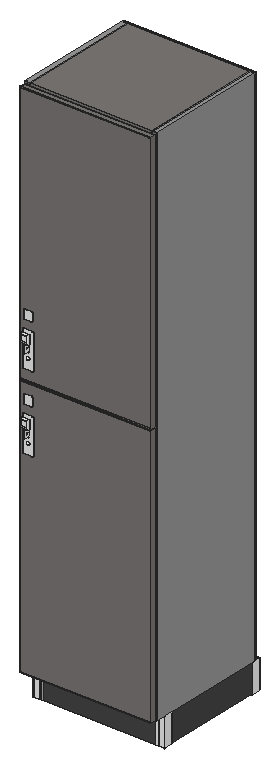
Revit family "Wood_Lockers_Hasps-Salsbury_Industries-18_42000_Series-1_Wide_Units", category Specialty Equipment, Revit 2026
Family settings
  Round Connector Dimension = Use Diameter
  Part Type = Normal
  Classification Number = 23.40.00.00
  Work Plane-Based = No
  Enable Cutting in Views = No
  Always vertical = Yes
  Cut with Voids When Loaded = No
  Maintain Annotation Orientation = No
  Shared = No
  Room Calculation Point = No
Parameters (values of type "18-42168")
  Width = 18.000"
  Version = "1.0 (01/31/24)"
  Unit Height including Sloping Hood Only [instance] = 78.868"
  Unit Height including Base Only [instance] = 76.000"
  URL = "www.lockers.com"
  Type Comments = "Premier Wood Lockers - Double Tier - with Hasps"
  Total Doors Height [instance] = if(Unit Height = 72.000", 71.750", if(Unit Height = 60.000", 59.750", 0.000"))  # 71.750"
  Sloping Top Corner Filler - Right Side [instance] = Wood Locker Sloping Corner Fillers : None
  Sloping Top Corner Filler - Left Side [instance] = Wood Locker Sloping Corner Fillers : None
  Sloping In-Line Filler - Right Side [instance] = Wood Locker Sloping In-Line Fillers : None
  Sloping In-Line Filler - Left Side [instance] = Wood Locker Sloping In-Line Fillers : None
  Sloping Hood Height = if(Depth = 15.000", 5.743", if(Depth = 18.000", 6.868", if(Depth = 21.000", 7.993", if(Depth = 24.000", 9.118", 0.000"))))  # 6.868"
  Sloping Hood [instance] = Wood Locker Sloping Hoods : None
  Side Panel without Slope - Right Side [instance] = Wood Locker Side Panels-No Slope : None
  Side Panel without Slope - Left Side [instance] = Wood Locker Side Panels-No Slope : None
  Side Panel with Slope - Right Side [instance] = Wood Locker Side Panels-With Slope : None
  Side Panel with Slope - Left Side [instance] = Wood Locker Side Panels-With Slope : None
  Secondary Structure Materials = Particle Board Industrial Grade - Salsbury Finish - Black Melamine Overlay
  Primary Structure Materials = Particle Board Industrial Grade - Salsbury Finish - Plain
  Overall Unit Height including Base and Sloping Hood [instance] = 82.868"
  OmniClass 23 Title = "Equipment and Furnishings"
  OmniClass 23 Number = "23.40.00.00"
  Model = "18-42168"
  MasterFormat Title = "Lockers"
  MasterFormat Code = "10 51 23"
  Manufacturer = "Salsbury Industries"
  Laminate Surface [instance] = Industrial Grade Particleboard with Wood Laminate - Salsbury Finish - Skyline Walnut
  Interior Material = Textured Melamine - Salsbury Finish - White
  Individual Door Width [instance] = 17.875"
  Unit Height = 72.000"
  Individual Door Height = if(Unit Height = 72.000", 35.781", if(Unit Height = 60.000", 29.781", 0.000"))  # 35.781"
  Hardware = Aluminum - Salsbury Finish - Black Satin
  Front Vertical Filler - Right Side [instance] = Wood Locker Front Fillers : None
  Front Vertical Filler - Left Side [instance] = Wood Locker Front Fillers : None
  Front Corner Filler - Right Side [instance] = Wood Locker Front Corner Filler : None
  Front Corner Filler - Left Side [instance] = Wood Locker Front Corner Filler : None
  Flat Top In-Line Filler - Right Side [instance] = Wood Locker Flat In-Line Fillers : None
  Flat Top In-Line Filler - Left Side [instance] = Wood Locker Flat In-Line Fillers : None
  Flat Top Corner Filler - Right Side [instance] = Wood Locker Flat Corner Fillers : None
  Flat Top Corner Filler - Left Side [instance] = Wood Locker Flat Corner Fillers : None
  Fascia Filler [instance] = Wood Locker Fascia Fillers : None
  Double Side Panel without Slope - Right Side [instance] = Wood Locker Double Side Panels-No Slope : None
  Double Side Panel without Slope - Left Side [instance] = Wood Locker Double Side Panels-No Slope : None
  Double Side Panel with Slope - Right Side [instance] = Wood Locker Double Side Panels-With Slope : None
  Double Side Panel with Slope - Left Side [instance] = Wood Locker Double Side Panels-With Slope : None
  Door Location D2 = Premier Locker Doors_Hasp : Double Tier Door-2 for Six Foot High Locker
  Door Location D1 = Premier Locker Doors_Hasp : Double Tier Door-1 for Six Foot High Locker
  Description = "1 Wide - 6 Feet High - 18 inches Deep - with Base"
  Depth = 18.000"
  Default Elevation = 0.000"
  Compartment Width [instance] = 16.750"
  Compartment Height [instance] = if(Unit Height = 72.000", 34.875", if(Unit Height = 60.000", 28.875", 0.000"))  # 34.875"
  Compartment Depth [instance] = 16.750"
  Base Material = Particle Board Industrial Grade - Salsbury Finish - Black Melamine Overlay
  Base Height = 4.000"
  Base Depth [instance] = 16.250"
  Base = Wood Locker Bases : Base - 18" W x 18" D Lockers
  Assembly Code = "C1030310"
Reference planes (in)
  plane 1 "Center (Front/Back)": y = 0
  plane 2: z = 0
  plane 3 "Center (Left/Right)": x = 0
  plane 4 "Right Side of Unit": x = 9
  plane 5 "Left Side of Unit": x = -9
  plane 6 "Back of Unit": y = 9
  plane 7 "Front of Unit": y = -9
  plane 8 "Bottom of Base": z = 0
  plane 9 "Top Edge of Unit": z = 76
  plane 10 "Top of Base Edge": z = 4
  plane 11: z = 82.868
  plane 12 "Right Compartment Edge": x = 8.406
  plane 13 "Left Compartment Edge": x = -8.406
  plane 14 "Front Melamine Edge": y = -8
  plane 15 "Back Compartment Edge": y = 8.781
  plane 16 "Front Compartment Edge": y = -7.969
  plane 17 "Front Edge of Base": y = -6.625
  plane 18 "Bottom Edge of Door": z = 4.125
  plane 19 "Top Edge of Door": z = 75.875
  plane 20 "Bottom Compartment Edge": z = 4.75
  plane 21 "Top Compartment Edge": z = 75.25
  plane 22 "Center Top and Bottom": z = 40
  plane 23 "Left Melamine Edge": x = -8.375
  plane 24 "Right Melamine Edge": x = 8.375
  plane 25 "Back Melamine Edge": y = 8.75
  plane 26 "Left Edge of Door": x = -8.875
  plane 27: y = 9.625
  plane 28: y = -7.25
  plane 29 "Base / Ventillation Alignment": y = 9.625
  plane 30 "Compartment Shelf": z = 40.375
  plane 31: z = 39.625
  plane 32: z = 39.906
  plane 33: z = 40.094
  plane 34 "5" Shelf top": z = 70.75
  plane 35: z = 70
  plane 36 "Front of Shelf": y = 3.75
  plane 37 "5" Shelf Bottom": z = 35.125
  plane 38: z = 34.375
  plane 39: y = 3.781
Forms (in)
  Extrusion 1, solid, material "Particle Board Industrial Grade - Salsbury Finish - Plain" <- "Primary Structure Materials"
    sketch origin (9, 0, 0) x (0, -1, 0) y (0, 0, 1)
      loop
        line (7.969, 76) -> (-8.75, 76) -> (-8.75, 4) -> (7.969, 4) -> (7.969, 76)
    from 0 to 0.594
  Extrusion 2, solid, material "Particle Board Industrial Grade - Salsbury Finish - Plain" <- "Primary Structure Materials"
    sketch origin (-9, 0, 0) x (0, -1, 0) y (0, 0, 1)
      loop
        line (-8.75, 76) -> (-8.75, 4) -> (7.969, 4) -> (7.969, 76) -> (-8.75, 76)
    from 0 to -0.594
  Extrusion 3, solid, material "Textured Melamine - Salsbury Finish - White" <- "Interior Material"
    sketch origin (0, 0, 4) x (0, -1, 0) y (1, 0, 0)
      loop
        line (-8.75, -8.375) -> (7.969, -8.375) -> (7.969, 8.375) -> (-8.75, 8.375) -> (-8.75, -8.375)
    from 0 to 0.75
  Extrusion 4, solid, material "Industrial Grade Particleboard with Wood Laminate - Salsbury Finish - Skyline Walnut" <- "Laminate Surface"
    sketch origin (-0.375, 0.375, 76) x (-1, 0, 0) y (0, -1, 0)
      loop
        line (-8.75, -8.375) -> (8, -8.375) -> (8, 8.375) -> (-8.75, 8.375) -> (-8.75, -8.375)
    from 0 to -0.75
  Extrusion 5, solid, material "Particle Board Industrial Grade - Salsbury Finish - Plain" <- "Primary Structure Materials"
    sketch origin (0, 9, 0) x (1, 0, 0) y (0, 0, 1)
      loop
        line (-9, 76) -> (-9, 4) -> (9, 4) -> (9, 76) -> (-9, 76)
    from 0 to 0.219
  Extrusion 6, solid, material "Industrial Grade Particleboard with Wood Laminate - Salsbury Finish - Skyline Walnut" <- "Laminate Surface"
    sketch origin (0, -7.969, 0) x (1, 0, 0) y (0, 0, 1)
      loop
        line (-9, 76) -> (-9, 4) -> (-8.375, 4) -> (-8.375, 76) -> (-9, 76)
    from 0 to 0.031
  Extrusion 7, solid, material "Industrial Grade Particleboard with Wood Laminate - Salsbury Finish - Skyline Walnut" <- "Laminate Surface"
    sketch origin (0, -7.969, 0) x (-1, 0, 0) y (0, 0, -1)
      loop
        line (-9, -76) -> (-8.375, -76) -> (-8.375, -4) -> (-9, -4) -> (-9, -76)
    from 0 to 0.031
  Extrusion 8, solid, material "Textured Melamine - Salsbury Finish - White" <- "Interior Material"
    sketch origin (0, 8.75, 0) x (1, 0, 0) y (0, 0, 1)
      loop
        line (-9, 76) -> (-9, 4) -> (9, 4) -> (9, 76) -> (-9, 76)
    from -0.031 to 0
  Extrusion 9, solid, material "Textured Melamine - Salsbury Finish - White" <- "Interior Material"
    sketch origin (-8.406, 0, 0) x (0, -1, 0) y (0, 0, 1)
      loop
        line (-8.75, 76) -> (-8.75, 4) -> (7.969, 4) -> (7.969, 76) -> (-8.75, 76)
    from 0 to -0.031
  Extrusion 10, solid, material "Textured Melamine - Salsbury Finish - White" <- "Interior Material"
    sketch origin (8.406, 0, 0) x (0, -1, 0) y (0, 0, 1)
      loop
        line (7.969, 76) -> (-8.75, 76) -> (-8.75, 4) -> (7.969, 4) -> (7.969, 76)
    from 0 to 0.031
  Extrusion 11, solid, material "Textured Melamine - Salsbury Finish - White" <- "Interior Material", detail levels fine
    sketch origin (0, 0, 40.375) x (0, -1, 0) y (1, 0, 0)
      loop
        line (-8.75, -8.375) -> (7.969, -8.375) -> (7.969, 8.375) -> (-8.75, 8.375) -> (-8.75, -8.375)
    from 0 to -0.75
  Extrusion 12, solid, material "Textured Melamine - Salsbury Finish - White" <- "Interior Material"
    sketch origin (0, 0, 70.75) x (0, -1, 0) y (1, 0, 0)
      loop
        line (-8.75, -8.375) -> (-3.781, -8.375) -> (-3.781, 8.375) -> (-8.75, 8.375) -> (-8.75, -8.375)
    from 0 to -0.75
  Extrusion 13, solid, material "Textured Melamine - Salsbury Finish - White" <- "Interior Material"
    sketch origin (0, 0, 35.125) x (0, -1, 0) y (1, 0, 0)
      loop
        line (-8.75, -8.375) -> (-3.781, -8.375) -> (-3.781, 8.375) -> (-8.75, 8.375) -> (-8.75, -8.375)
    from 0 to -0.75
  Extrusion 14, solid, material "Industrial Grade Particleboard with Wood Laminate - Salsbury Finish - Skyline Walnut" <- "Laminate Surface"
    sketch origin (0, -8, 0) x (1, 0, 0) y (0, 0, 1)
      loop
        line (-8.375, 40.375) -> (-8.375, 39.625) -> (8.375, 39.625) -> (8.375, 40.375) -> (-8.375, 40.375)
    from 0 to -0.031
  Extrusion 15, solid, material "Industrial Grade Particleboard with Wood Laminate - Salsbury Finish - Skyline Walnut" <- "Laminate Surface"
    sketch origin (0, -8, 0) x (1, 0, 0) y (0, 0, 1)
      loop
        line (-8.375, 4.75) -> (-8.375, 4) -> (8.375, 4) -> (8.375, 4.75) -> (-8.375, 4.75)
    from 0 to -0.031
  Extrusion 16, solid, material "Industrial Grade Particleboard with Wood Laminate - Salsbury Finish - Skyline Walnut" <- "Laminate Surface"
    sketch origin (0, 3.75, 0) x (1, 0, 0) y (0, 0, 1)
      loop
        line (-8.375, 70.75) -> (-8.375, 70) -> (8.375, 70) -> (8.375, 70.75) -> (-8.375, 70.75)
    from 0 to -0.031
  Extrusion 17, solid, material "Industrial Grade Particleboard with Wood Laminate - Salsbury Finish - Skyline Walnut" <- "Laminate Surface"
    sketch origin (0, 3.75, -35.625) x (1, 0, 0) y (0, 0, 1)
      loop
        line (-8.375, 70.75) -> (-8.375, 70) -> (8.375, 70) -> (8.375, 70.75) -> (-8.375, 70.75)
    from 0 to -0.031
Lines and regions (in)
  symbolic lines
    curve 1: line (-9, 8.75, 76) -> (9.00006, 8.75, 76)
    curve 2: line (-9, 8.75, 0) -> (-9, 8.75, 76)
    curve 3: line (9.00006, 8.75, 76) -> (9.00006, 8.75, 0)
    curve 4: line (8.406, -8, 76) -> (8.406, 9.625, 76)
    curve 5: line (8.406, -8, 0) -> (8.406, -8, 76)
    curve 6: line (8.406, 9.625, 76) -> (8.406, 9.625, 0)
    curve 7: line (9.00006, 8.75, 0) -> (-9, 8.75, 0)
    curve 8: line (8.406, -6.625, 0) -> (8.406, 9.625, 0)
    curve 9: line (8.406, 9.625, 0) -> (8.406, -6.625, 0)
    curve 10: line (8.406, -8, 0) -> (8.406, 9.625, 0)
    curve 11: line (-9, 9.625, 0) -> (9, 9.625, 0)
    curve 12: line (-9, -8, 0) -> (-9, 9.625, 0)
    curve 13: line (9, -8, 0) -> (-9, -8, 0)
    curve 14: line (9, 9.625, 0) -> (9, -8, 0)
Dimensions and locks (in)
  equal spacing: plane 5 "Left Side of Unit", plane 3 "Center (Left/Right)", plane 4 "Right Side of Unit"
  "Width": plane 5 "Left Side of Unit" to plane 4 "Right Side of Unit"
  equal spacing: plane 7 "Front of Unit", plane 1 "Center (Front/Back)", plane 6 "Back of Unit"
  "Depth": plane 7 "Front of Unit" to plane 6 "Back of Unit"
  "Base Height": plane 10 "Top of Base Edge" to plane 8 "Bottom of Base"
  "Unit Height": plane 9 "Top Edge of Unit" to plane 10 "Top of Base Edge"
  "Sloping Hood Height": plane 11 to plane 9 "Top Edge of Unit"
  locked: plane 12 "Right Compartment Edge" to plane 4 "Right Side of Unit" at 0.594
  locked: plane 5 "Left Side of Unit" to plane 13 "Left Compartment Edge" at 0.594
  locked: plane 7 "Front of Unit" to plane 14 "Front Melamine Edge" at 1
  locked: plane 15 "Back Compartment Edge" to plane 6 "Back of Unit" at 0.219
  locked: plane 14 "Front Melamine Edge" to plane 16 "Front Compartment Edge" at 0.031
  plane 18 "Bottom Edge of Door" to plane 10 "Top of Base Edge" = 0.125"
  plane 9 "Top Edge of Unit" to plane 19 "Top Edge of Door" = 0.125"
  plane 20 "Bottom Compartment Edge" to plane 10 "Top of Base Edge" = 0.750"
  plane 9 "Top Edge of Unit" to plane 21 "Top Compartment Edge" = 0.750"
  equal spacing: plane 9 "Top Edge of Unit", plane 22 "Center Top and Bottom", plane 10 "Top of Base Edge"
  locked: plane 24 "Right Melamine Edge" to plane 12 "Right Compartment Edge" at 0.031
  locked: plane 13 "Left Compartment Edge" to plane 23 "Left Melamine Edge" at 0.031
  locked: plane 25 "Back Melamine Edge" to plane 15 "Back Compartment Edge" at 0.031
  locked: plane 5 "Left Side of Unit" to plane 26 "Left Edge of Door" at 0.125
  "Individual Door Width": plane 26 "Left Edge of Door" to plane 4 "Right Side of Unit"
  "Total Doors Height": plane 19 "Top Edge of Door" to plane 18 "Bottom Edge of Door"
  "Unit Height including Base Only": plane 9 "Top Edge of Unit" to plane 8 "Bottom of Base"
  "Unit Height including Sloping Hood Only": plane 11 to plane 10 "Top of Base Edge"
  "Overall Unit Height including Base and Sloping Hood": plane 11 to plane 8 "Bottom of Base"
  locked: plane 7 "Front of Unit" to plane 17 "Front Edge of Base" at 2.375
  locked: plane 6 "Back of Unit" to plane 27 at 0.625
  "Base Depth": plane 17 "Front Edge of Base" to plane 27
  "Compartment Width": plane 23 "Left Melamine Edge" to plane 24 "Right Melamine Edge"
  "Compartment Height": plane 31 to plane 20 "Bottom Compartment Edge"
  "Compartment Depth": plane 14 "Front Melamine Edge" to plane 25 "Back Melamine Edge"
  locked: plane 14 "Front Melamine Edge" to plane 28 at 0.75
  plane 14 "Front Melamine Edge" to plane 27 = 17.625"
  Extrusion 2 to Extrusion 9 = 16.719"
  plane 6 "Back of Unit" to plane 29 "Base / Ventillation Alignment" = 0.625"
  locked: plane 30 "Compartment Shelf" to plane 31 at 0.75
  locked: plane 33 to plane 32 at 0.188
  "Individual Door Height": plane 32 to plane 18 "Bottom Edge of Door"
  plane 21 "Top Compartment Edge" to plane 34 "5" Shelf top" to plane 35 = 4.500" locked, 0.750" locked
  locked: plane 36 "Front of Shelf" to plane 25 "Back Melamine Edge" at 5
  plane 31 to plane 37 "5" Shelf Bottom" to plane 38 = 4.500" locked, 0.750" locked
  locked: plane 36 "Front of Shelf" to plane 39 at 0.031
  aligned and locked: level to plane 2
  aligned and locked: plane 15 "Back Compartment Edge" to Extrusion 5
  aligned and locked: plane 4 "Right Side of Unit" to nested 1
  aligned and locked: plane 18 "Bottom Edge of Door" to nested 1
  aligned and locked: plane 7 "Front of Unit" to nested 1
  aligned and locked: plane 9 "Top Edge of Unit" to nested 2
  aligned and locked: plane 14 "Front Melamine Edge" to nested 2
  aligned and locked: plane 5 "Left Side of Unit" to nested 3
  aligned and locked: plane 14 "Front Melamine Edge" to nested 3
  aligned and locked: plane 9 "Top Edge of Unit" to nested 3
  aligned and locked: plane 4 "Right Side of Unit" to nested 4
  aligned and locked: nested 4 to plane 9 "Top Edge of Unit"
  aligned and locked: nested 4 to plane 14 "Front Melamine Edge"
  aligned and locked: plane 9 "Top Edge of Unit" to nested 5
  aligned and locked: plane 28 to nested 5
  aligned and locked: plane 28 to nested 6
  aligned and locked: plane 5 "Left Side of Unit" to nested 6
  aligned and locked: plane 4 "Right Side of Unit" to nested 5
  aligned and locked: nested 6 to plane 9 "Top Edge of Unit"
  aligned and locked: nested 8 to plane 5 "Left Side of Unit"
  aligned and locked: nested 7 to plane 4 "Right Side of Unit"
  aligned and locked: plane 14 "Front Melamine Edge" to nested 7
  aligned and locked: nested 8 to plane 14 "Front Melamine Edge"
  aligned and locked: plane 10 "Top of Base Edge" to nested 7
  aligned and locked: nested 8 to plane 10 "Top of Base Edge"
  aligned and locked: plane 5 "Left Side of Unit" to nested 9
  aligned and locked: plane 4 "Right Side of Unit" to nested 10
  aligned and locked: nested 10 to plane 10 "Top of Base Edge"
  aligned and locked: plane 10 "Top of Base Edge" to nested 9
  aligned and locked: plane 16 "Front Compartment Edge" to nested 10
  aligned and locked: nested 9 to plane 14 "Front Melamine Edge"
  aligned and locked: plane 4 "Right Side of Unit" to nested 11
  aligned and locked: nested 11 to plane 10 "Top of Base Edge"
  aligned and locked: plane 14 "Front Melamine Edge" to nested 11
  aligned and locked: plane 14 "Front Melamine Edge" to nested 12
  aligned and locked: nested 12 to nested 4
  aligned and locked: plane 10 "Top of Base Edge" to nested 12
  aligned and locked: nested 13 to plane 5 "Left Side of Unit"
  aligned and locked: nested 13 to plane 14 "Front Melamine Edge"
  aligned and locked: nested 13 to plane 10 "Top of Base Edge"
  aligned and locked: plane 14 "Front Melamine Edge" to nested 14
  aligned and locked: nested 14 to plane 4 "Right Side of Unit"
  aligned and locked: nested 15 to plane 14 "Front Melamine Edge"
  aligned and locked: nested 15 to plane 5 "Left Side of Unit"
  aligned and locked: plane 10 "Top of Base Edge" to nested 14
  aligned and locked: nested 15 to plane 10 "Top of Base Edge"
  aligned and locked: plane 14 "Front Melamine Edge" to nested 16
  aligned and locked: plane 4 "Right Side of Unit" to nested 16
  aligned and locked: nested 17 to plane 14 "Front Melamine Edge"
  aligned and locked: plane 5 "Left Side of Unit" to nested 17
  aligned and locked: nested 16 to plane 8 "Bottom of Base"
  aligned and locked: nested 17 to plane 8 "Bottom of Base"
  aligned and locked: nested 18 to plane 5 "Left Side of Unit"
  aligned and locked: nested 19 to plane 4 "Right Side of Unit"
  aligned and locked: nested 19 to plane 14 "Front Melamine Edge"
  aligned and locked: plane 14 "Front Melamine Edge" to nested 18
  aligned and locked: plane 8 "Bottom of Base" to nested 19
  aligned and locked: nested 18 to plane 8 "Bottom of Base"
  aligned and locked: plane 17 "Front Edge of Base" to nested 20
  aligned and locked: nested 21 to plane 9 "Top Edge of Unit"
  aligned and locked: plane 5 "Left Side of Unit" to nested 21
  aligned and locked: nested 22 to plane 9 "Top Edge of Unit"
  aligned and locked: plane 4 "Right Side of Unit" to nested 22
  aligned and locked: nested 22 to plane 14 "Front Melamine Edge"
  aligned and locked: nested 21 to plane 14 "Front Melamine Edge"
  aligned and locked: nested 24 to plane 9 "Top Edge of Unit"
  aligned and locked: plane 4 "Right Side of Unit" to nested 24
  aligned and locked: nested 23 to plane 9 "Top Edge of Unit"
  aligned and locked: plane 5 "Left Side of Unit" to nested 23
  aligned and locked: nested 24 to plane 28
  aligned and locked: nested 23 to plane 28
  aligned and locked: plane 14 "Front Melamine Edge" to nested 25
  aligned and locked: plane 9 "Top Edge of Unit" to nested 25
  aligned and locked: plane 8 "Bottom of Base" to nested 20
  aligned and locked: plane 3 "Center (Left/Right)" to nested 20
  aligned and locked: plane 25 "Back Melamine Edge" to Extrusion 3 sketch curve
  aligned and locked: Extrusion 3 sketch curve to plane 23 "Left Melamine Edge"
  aligned and locked: plane 24 "Right Melamine Edge" to Extrusion 3 sketch curve
  aligned and locked: Extrusion 4 to plane 9 "Top Edge of Unit"
  aligned and locked: plane 21 "Top Compartment Edge" to Extrusion 4
  aligned and locked: Extrusion 2 sketch curve to plane 9 "Top Edge of Unit"
  aligned and locked: plane 16 "Front Compartment Edge" to Extrusion 2 sketch curve
  aligned and locked: Extrusion 2 sketch curve to plane 25 "Back Melamine Edge"
  aligned and locked: plane 10 "Top of Base Edge" to Extrusion 2 sketch curve
  aligned and locked: Extrusion 2 to plane 13 "Left Compartment Edge"
  aligned and locked: plane 5 "Left Side of Unit" to Extrusion 2
  aligned and locked: plane 10 "Top of Base Edge" to Extrusion 9 sketch curve
  aligned and locked: Extrusion 9 sketch curve to plane 25 "Back Melamine Edge"
  aligned and locked: Extrusion 9 sketch curve to plane 9 "Top Edge of Unit"
  aligned and locked: Extrusion 1 sketch curve to plane 16 "Front Compartment Edge"
  aligned and locked: plane 9 "Top Edge of Unit" to Extrusion 1 sketch curve
  aligned and locked: Extrusion 1 sketch curve to plane 10 "Top of Base Edge"
  aligned and locked: plane 25 "Back Melamine Edge" to Extrusion 1 sketch curve
  aligned and locked: Extrusion 1 to plane 4 "Right Side of Unit"
  aligned and locked: plane 12 "Right Compartment Edge" to Extrusion 1
  aligned and locked: Extrusion 10 sketch curve to plane 10 "Top of Base Edge"
  aligned and locked: plane 25 "Back Melamine Edge" to Extrusion 10 sketch curve
  aligned and locked: Extrusion 10 sketch curve to plane 16 "Front Compartment Edge"
  aligned and locked: plane 9 "Top Edge of Unit" to Extrusion 10 sketch curve
  aligned and locked: Extrusion 10 to plane 12 "Right Compartment Edge"
  aligned and locked: plane 24 "Right Melamine Edge" to Extrusion 10
  aligned and locked: Extrusion 8 sketch curve to plane 10 "Top of Base Edge"
  aligned and locked: plane 4 "Right Side of Unit" to Extrusion 8 sketch curve
  aligned and locked: plane 9 "Top Edge of Unit" to Extrusion 8 sketch curve
  aligned and locked: Extrusion 8 sketch curve to plane 5 "Left Side of Unit"
  aligned and locked: Extrusion 8 to plane 15 "Back Compartment Edge"
  aligned and locked: plane 25 "Back Melamine Edge" to Extrusion 8
  aligned and locked: plane 9 "Top Edge of Unit" to Extrusion 5 sketch curve
  aligned and locked: Extrusion 5 sketch curve to plane 5 "Left Side of Unit"
  aligned and locked: Extrusion 5 sketch curve to plane 10 "Top of Base Edge"
  aligned and locked: plane 4 "Right Side of Unit" to Extrusion 5 sketch curve
  aligned and locked: Extrusion 7 sketch curve to plane 9 "Top Edge of Unit"
  aligned and locked: Extrusion 7 sketch curve to plane 4 "Right Side of Unit"
  aligned and locked: plane 24 "Right Melamine Edge" to Extrusion 7 sketch curve
  aligned and locked: plane 10 "Top of Base Edge" to Extrusion 7 sketch curve
  aligned and locked: Extrusion 7 to plane 16 "Front Compartment Edge"
  aligned and locked: plane 14 "Front Melamine Edge" to Extrusion 7
  aligned and locked: Extrusion 6 sketch curve to plane 10 "Top of Base Edge"
  aligned and locked: plane 23 "Left Melamine Edge" to Extrusion 6 sketch curve
  aligned and locked: Extrusion 6 sketch curve to plane 5 "Left Side of Unit"
  aligned and locked: plane 9 "Top Edge of Unit" to Extrusion 6 sketch curve
  aligned and locked: Extrusion 6 to plane 16 "Front Compartment Edge"
  aligned and locked: plane 14 "Front Melamine Edge" to Extrusion 6
  aligned and locked: plane 16 "Front Compartment Edge" to Extrusion 9
  aligned and locked: plane 13 "Left Compartment Edge" to Extrusion 9
  aligned and locked: nested 3 to curve 1
  aligned and locked: curve 2 to nested 17
  aligned and locked: curve 4 to nested 2
  aligned and locked: nested 16 to curve 5
  aligned and locked: curve 9 to nested 20
  aligned and locked: curve 10 to nested 16
  aligned and locked: curve 12 to plane 5 "Left Side of Unit"
  aligned and locked: plane 29 "Base / Ventillation Alignment" to curve 11
  aligned and locked: plane 3 "Center (Left/Right)" to nested 2
  aligned and locked: plane 3 "Center (Left/Right)" to nested 25
  aligned and locked: plane 29 "Base / Ventillation Alignment" to curve 6
  aligned and locked: plane 25 "Back Melamine Edge" to Extrusion 11 sketch curve
  aligned and locked: Extrusion 11 sketch curve to plane 23 "Left Melamine Edge"
  aligned and locked: plane 24 "Right Melamine Edge" to Extrusion 11 sketch curve
  aligned and locked: nested 26 to plane 33
  aligned and locked: plane 4 "Right Side of Unit" to nested 26
  aligned and locked: plane 7 "Front of Unit" to nested 26
  aligned and locked: plane 35 to Extrusion 12
  aligned and locked: plane 23 "Left Melamine Edge" to Extrusion 12
  aligned and locked: Extrusion 12 to plane 24 "Right Melamine Edge"
  aligned and locked: Extrusion 12 to plane 25 "Back Melamine Edge"
  aligned and locked: Extrusion 13 to plane 37 "5" Shelf Bottom"
  aligned and locked: plane 38 to Extrusion 13
  aligned and locked: plane 23 "Left Melamine Edge" to Extrusion 13
  aligned and locked: Extrusion 13 to plane 24 "Right Melamine Edge"
  aligned and locked: Extrusion 13 to plane 25 "Back Melamine Edge"
  aligned and locked: Extrusion 12 to plane 34 "5" Shelf top"
  aligned and locked: plane 14 "Front Melamine Edge" to Extrusion 4
  aligned and locked: plane 16 "Front Compartment Edge" to Extrusion 11
  aligned and locked: plane 31 to Extrusion 11
  aligned and locked: Extrusion 11 to plane 30 "Compartment Shelf"
  aligned and locked: Extrusion 14 to Extrusion 11  (x2)
  aligned and locked: Extrusion 14 to Extrusion 6
  aligned and locked: Extrusion 14 to Extrusion 7
  aligned and locked: Extrusion 14 to plane 16 "Front Compartment Edge"
  aligned and locked: plane 14 "Front Melamine Edge" to Extrusion 14
  aligned and locked: plane 16 "Front Compartment Edge" to Extrusion 3
  aligned and locked: Extrusion 15 sketch curve to Extrusion 3  (x3)
  aligned and locked: Extrusion 7 to Extrusion 15 sketch curve
  aligned and locked: Extrusion 15 to plane 16 "Front Compartment Edge"
  aligned and locked: plane 14 "Front Melamine Edge" to Extrusion 15
  aligned and locked: Extrusion 12 to plane 39
  aligned and locked: Extrusion 16 sketch curve to Extrusion 12  (x4)
  aligned and locked: Extrusion 17 to Extrusion 13  (x2)
  aligned and locked: Extrusion 17 to Extrusion 6
  aligned and locked: Extrusion 17 to Extrusion 7
  aligned and locked: Extrusion 17 to Extrusion 12
  aligned and locked: Extrusion 17 to plane 36 "Front of Shelf"
  aligned and locked: Extrusion 13 to Extrusion 12
Automatic sketch dimensions
  plane 16 "Front Compartment Edge" to Extrusion 3 sketch curve = 0.000"
  plane 14 "Front Melamine Edge" to Extrusion 4 sketch curve = 0.000"
  Extrusion 4 sketch curve to plane 24 "Right Melamine Edge" = 0.000"
  Extrusion 4 sketch curve to plane 23 "Left Melamine Edge" = 0.000"
  plane 25 "Back Melamine Edge" to Extrusion 4 sketch curve = 0.000"
  Extrusion 9 sketch curve to plane 16 "Front Compartment Edge" = 0.000"
  curve 3 to level = 0.000"
  curve 3 to plane 4 "Right Side of Unit" = 0.00006"
  curve 8 to plane 17 "Front Edge of Base" = 0.000"
  curve 9 to plane 17 "Front Edge of Base" = 0.000"
  plane 14 "Front Melamine Edge" to curve 13 = 0.000"
  curve 13 to plane 4 "Right Side of Unit" = 0.000"
  plane 16 "Front Compartment Edge" to Extrusion 11 sketch curve = 0.000"
  Extrusion 12 sketch curve to plane 24 "Right Melamine Edge" = 0.000"
  plane 25 "Back Melamine Edge" to Extrusion 12 sketch curve = 0.000"
  Extrusion 12 sketch curve to plane 23 "Left Melamine Edge" = 0.000"
  plane 39 to Extrusion 12 sketch curve = 0.000"
  Extrusion 13 sketch curve to plane 24 "Right Melamine Edge" = 0.000"
  plane 25 "Back Melamine Edge" to Extrusion 13 sketch curve = 0.000"
  Extrusion 13 sketch curve to plane 23 "Left Melamine Edge" = 0.000"
  Extrusion 13 sketch curve to plane 36 "Front of Shelf" = 0.031"
  plane 23 "Left Melamine Edge" to Extrusion 14 sketch curve = 0.000"
  plane 24 "Right Melamine Edge" to Extrusion 14 sketch curve = 0.000"
  Extrusion 14 sketch curve to plane 31 = 0.000"
  Extrusion 14 sketch curve to plane 30 "Compartment Shelf" = 0.000"
  plane 23 "Left Melamine Edge" to Extrusion 17 sketch curve = 0.000"
  plane 24 "Right Melamine Edge" to Extrusion 17 sketch curve = 0.000"
  Extrusion 17 sketch curve to plane 38 = 0.000"
  Extrusion 17 sketch curve to plane 37 "5" Shelf Bottom" = 0.000"
Nested families (in)
  nested 1: "Premier Locker Doors_Hasp" at (0.0625, -8.625, 4.125), type <- "Door Location D2", type "Double Tier Door-2 for Six Foot High Locker"
  nested 2: "Wood Locker Sloping Hoods" at (0, -0.6875, 76), type <- "Sloping Hood", type "None"
  nested 3: "Wood Locker Sloping Corner Fillers" at (-18.25, -1, 76), type <- "Sloping Top Corner Filler - Left Side", type "None"
  nested 4: "Wood Locker Sloping Corner Fillers" at (18.25, -1, 76) x (-1, 0, 0) z (0, 0, 1), type <- "Sloping Top Corner Filler - Right Side", type "None"
  nested 5: "Wood Locker Flat Corner Fillers" at (16.5, -3.625, 75.25), type <- "Flat Top Corner Filler - Right Side", type "None"
  nested 6: "Wood Locker Flat Corner Fillers" at (-16.5, -3.625, 75.25) x (-1, 0, 0) z (0, 0, 1), type <- "Flat Top Corner Filler - Left Side", type "None"
  nested 7: "Wood Locker Side Panels-No Slope" at (9.375, -1, 4) x (0, 1, 0) z (0, 0, 1), type <- "Side Panel without Slope - Right Side", type "None"
  nested 8: "Wood Locker Side Panels-No Slope" at (-9.375, -1, 4) x (0, 1, 0) z (0, 0, 1), type <- "Side Panel without Slope - Left Side", type "None"
  nested 9: "Wood Locker Side Panels-With Slope" at (-9.375, -0.6875, 4) x (0, -1, 0) z (0, 0, 1), type <- "Side Panel with Slope - Left Side", type "None"
  nested 10: "Wood Locker Side Panels-With Slope" at (9.375, -0.6565, 4) x (0, -1, 0) z (0, 0, 1), type <- "Side Panel with Slope - Right Side", type "None"
  nested 11: "Wood Locker Side Panels-With Slope" at (9.375, -0.6875, 4) x (0, -1, 0) z (0, 0, 1), type <- "Side Panel with Slope - Right Side", type "None"
  nested 12: "Wood Locker Double Side Panels-No Slope" at (9.375, -1, 4) x (0, 1, 0) z (0, 0, 1), type <- "Double Side Panel without Slope - Right Side", type "None"
  nested 13: "Wood Locker Double Side Panels-No Slope" at (-9.375, -1, 4) x (0, 1, 0) z (0, 0, 1), type <- "Double Side Panel without Slope - Left Side", type "None"
  nested 14: "Wood Locker Double Side Panels-With Slope" at (9.375, -1, 4) x (0, 1, 0) z (0, 0, 1), type <- "Double Side Panel with Slope - Right Side", type "None"
  nested 15: "Wood Locker Double Side Panels-With Slope" at (-9.375, -1, 4) x (0, 1, 0) z (0, 0, 1), type <- "Double Side Panel with Slope - Left Side", type "None"
  nested 16: "Wood Locker Front Fillers" at (16.5, -7.625, 0), type <- "Front Vertical Filler - Right Side", type "None"
  nested 17: "Wood Locker Front Fillers" at (-16.5, -7.625, 0) x (-1, 0, 0) z (0, 0, 1), type <- "Front Vertical Filler - Left Side", type "None"
  nested 18: "Wood Locker Front Corner Filler" at (-10.125, -7.625, 0), type <- "Front Corner Filler - Left Side", type "None"
  nested 19: "Wood Locker Front Corner Filler" at (10.125, -7.625, 0) x (-1, 0, 0) z (0, 0, 1), type <- "Front Corner Filler - Right Side", type "None"
  nested 20: "Wood Locker Bases" at (0, 1.5, 0), type <- "Base", type "Base - 18" W x 18" D Lockers"
  nested 21: "Wood Locker Sloping In-Line Fillers" at (-15, -1, 76), type <- "Sloping In-Line Filler - Left Side", type "None"
  nested 22: "Wood Locker Sloping In-Line Fillers" at (15, -1, 76) x (-1, 0, 0) z (0, 0, 1), type <- "Sloping In-Line Filler - Right Side", type "None"
  nested 23: "Wood Locker Flat In-Line Fillers" at (-16.5, -0.625, 75.25), type <- "Flat Top In-Line Filler - Left Side", type "None"
  nested 24: "Wood Locker Flat In-Line Fillers" at (16.5, -0.625, 75.25) x (-1, 0, 0) z (0, 0, 1), type <- "Flat Top In-Line Filler - Right Side", type "None"
  nested 25: "Wood Locker Fascia Fillers" at (0, -7.625, 76), type <- "Fascia Filler", type "None"
  nested 26: "Premier Locker Doors_Hasp" at (0.0625, -8.625, 40.094), type <- "Door Location D1", type "Double Tier Door-1 for Six Foot High Locker"
Definition of nested family "Premier Locker Doors_Hasp"
  Parameters (values of type "Single Tier Door for Six Foot High Locker")
    Width = 17.875"
    Visible Number Plates = yes
    Visible Center Hinge = yes
    Primary Structure Materials = none
    Number Tag-Vertical Offset = 31.625"
    Number Tag-Horizontal Offset = 16.750"
    Number Tag Width = 1.250"
    Number Tag Height = 1.250"
    Model = "Premier Locker Doors"
    Manufacturer = "Salsbury Industries"
    Lock Width = 1.500"
    Lock Height = 4.875"
    Laminate Surface = none
    Height = 71.750"
    Lock Vertical Offset = 35.875"
    Lock Horizontal Offset = 0.375"
    Door Trim = none
    Door Hasps = none
    Depth = 0.750"
    Default Elevation = 48.000"
  Types (7): name | Visible Center Hinge | Number Tag-Vertical Offset | Height | Lock Vertical Offset
    Single Tier Door for Six Foot High Locker | yes | 31.625" | 71.750" | 35.875"
    Double Tier Door-1 for Six Foot High Locker | no | 27.641" | 35.781" | 31.891"
    Double Tier Door-2 for Six Foot High Locker | yes | 2.078" | 35.781" | 6.328"
    Triple Tier Door-1 for Six Foot High Locker | no | 15.651" | 23.791" | 19.901"
    Triple Tier Door-2 for Six Foot High Locker | no | 7.646" | 23.791" | 11.896"
    Triple Tier Door-3 for Six Foot High Locker | no | 2.078" | 23.791" | 6.328"
    Four Tier Door for Six Foot High Locker | no | 4.647" | 17.796" | 8.897"
  Reference planes (in)
    plane 1 "Center (Front/Back)": y = 0
    plane 2: z = 0
    plane 3 "Center (Left/Right)": x = 0
    plane 4 "Left Side of Door": x = -8.9375
    plane 5 "Right Side of Door": x = 8.9375
    plane 6 "Back of Door": y = 0.375
    plane 7 "Front of Door": y = -0.375
    plane 8 "Bottom of Door": z = 0
    plane 9 "Top of Door": z = 71.75
    plane 10 "Center of Door": z = 35.875
    plane 11 "Top of Number Tag": z = 40.75
    plane 12 "Bottom of Number Tag": z = 39.5
    plane 13 "Left Side of Number Tag": x = -8.4375
    plane 14 "Right Side of Number Tag": x = -7.1875
    plane 15 "Horizontal Center of Number Tag": x = -7.8125
    plane 16 "Center of Number Tag": z = 40.125
    plane 17 "Left Side of Lock": x = -8.5625
    plane 18 "Right Side of Lock": x = -7.0625
    plane 19 "Lock Vertical Center": z = 35.875
    plane 20 "Top of Lock": z = 38.3125
    plane 21 "Bottom of Lock": z = 33.4375
    plane 22 "Front of Hasp Stud": y = -0.5
    plane 23 "Left Side of Door-Right Side of Trim": x = -8.8125
    plane 24 "Right Side of Door-Left Side of Trim": x = 8.8125
    plane 25 "Top of Door-Bottom of Trim": z = 71.625
    plane 26 "Bottom of Door-Top of Trim": z = 0.125
    plane 27 "Laminate-Particleboard Line": y = -0.344
    plane 28 "Melamine-Particleboard Line": y = 0.344
    plane 29 "Back of Number Plate Inset": y = -0.313
    plane 30 "Center of Lock": x = -7.8125
    plane 31: y = -0.188
    plane 32 "Door Stopper Plane": y = 0.625
    plane 33: x = -8.4875
    plane 34: z = 71.3
    plane 35 "Top Hinge": z = 68.75
    plane 36: x = 8.3125
    plane 37 "Bottom Hinge": z = 3
    plane 38 "Inner Knob": y = -1.094
    plane 39 "Front of Knob": y = -1.125
    plane 40: z = 37.1875
    plane 41: z = 34.5625
    plane 42: z = 38.1875
    plane 43: x = -7.1875
    plane 44: x = -8.4375
    plane 45: z = 36.9375
    plane 46 "Top of Hole": z = 36.8125
    plane 47: x = -7.6245
    plane 48: x = -8.0005
    plane 49 "Bottom of Hole": z = 35.5625
    plane 50 "Stud Alignment": z = 34.8125
    plane 51 "Center of Handle": z = 37.5625
    plane 52: z = 37.7505
    plane 53: z = 37.3745
    plane 54: z = 37.96546
    plane 55: z = 37.15954
    plane 56 "Front of Latch": y = -1
    plane 57: z = 36.6844
    plane 58: z = 35.6844
    plane 59: z = 36.1844
    plane 60: x = 8.3435
    plane 61: z = 36.6245
    plane 62: z = 35.74816
  Forms (in)
    Extrusion 1, solid, detail levels fine
      sketch origin (0, 0, 0) x (1, 0, 0) y (0, 0, 1)
        loop
          line (-8.9065, 0.031) -> (8.9065, 0.031) -> (8.9065, 71.719) -> (-8.9065, 71.719) -> (-8.9065, 0.031)
      from -0.344 to 0.344
    Extrusion 2, solid, material <- "Laminate Surface", detail levels fine
      sketch origin (0, 0.375, 0) x (1, 0, 0) y (0, 0, 1)
        loop
          line (-8.9065, 0.031) -> (8.9065, 0.031) -> (8.9065, 71.719) -> (-8.9065, 71.719) -> (-8.9065, 0.031)
      from 0.031 to 0
    Extrusion 3, solid, material <- "Laminate Surface"
      sketch origin (0, -0.375, 0) x (1, 0, 0) y (0, 0, 1)
        loop
          line (-8.9065, 0.031) -> (8.9065, 0.031) -> (8.9065, 71.719) -> (-8.9065, 71.719) -> (-8.9065, 0.031)
      from 0 to -0.031
    Sweep 4, solid, material <- "Door Trim"
      path origin (0, 0, 0) x (1, 0, 0) y (0, 0, 1)
        loop
          line (8.8125, 71.625) -> (-8.8125, 71.625) -> (-8.8125, 0.125) -> (8.8125, 0.125) -> (8.8125, 71.625)
      profile origin (0, 0, 71.625) x (0, 0, -1) y (0, -1, 0)
        loop
          line (-0.125, 0.375) -> (-0.125, -0.375) -> (-0.094, -0.375) -> (-0.094, 0.375) -> (-0.125, 0.375)
    Extrusion 5, void
      sketch origin (-1.875, -0.313, 0) x (1, 0, 0) y (0, 0, 1)
        loop
          arc (-6.41334, 40.75) -> (-6.51881, 40.70631) -> (-6.5625, 40.60084) r 0.14916
          line (-6.5625, 40.60084) -> (-6.5625, 39.64916)
          arc (-6.5625, 39.64916) -> (-6.51881, 39.54369) -> (-6.41334, 39.5) r 0.14916
          line (-6.41334, 39.5) -> (-5.46166, 39.5)
          arc (-5.46166, 39.5) -> (-5.35619, 39.54369) -> (-5.3125, 39.64916) r 0.14916
          line (-5.3125, 39.64916) -> (-5.3125, 40.60084)
          arc (-5.3125, 40.60084) -> (-5.35619, 40.70631) -> (-5.46166, 40.75) r 0.14916
          line (-5.46166, 40.75) -> (-6.41334, 40.75)
      from 0 to 0.062
    Extrusion 6, solid, visible <- "Visible Number Plates", detail levels medium+fine
      sketch origin (-1.875, -0.375, 0) x (1, 0, 0) y (0, 0, 1)
        loop
          arc (-6.41334, 40.75) -> (-6.51881, 40.70631) -> (-6.5625, 40.60084) r 0.14916
          line (-6.5625, 40.60084) -> (-6.5625, 39.64916)
          arc (-6.5625, 39.64916) -> (-6.51881, 39.54369) -> (-6.41334, 39.5) r 0.14916
          line (-6.41334, 39.5) -> (-5.46166, 39.5)
          arc (-5.46166, 39.5) -> (-5.35619, 39.54369) -> (-5.3125, 39.64916) r 0.14916
          line (-5.3125, 39.64916) -> (-5.3125, 40.60084)
          arc (-5.3125, 40.60084) -> (-5.35619, 40.70631) -> (-5.46166, 40.75) r 0.14916
          line (-5.46166, 40.75) -> (-6.41334, 40.75)
      from -0.062 to 0
    Extrusion 7, solid, detail levels medium+fine
      sketch origin (0, 0.375, 0) x (1, 0, 0) y (0, 0, 1)
        loop
          circle (-8.4875, 71.3) r 0.25
      from 0 to -0.25
    Extrusion 8, solid, detail levels medium+fine
      sketch origin (0, 0.375, 0) x (1, 0, 0) y (0, 0, 1)
        loop
          line (8.3125, 68.5) -> (8.3125, 69) -> (7.8125, 69) -> (7.8125, 68.5) -> (8.3125, 68.5)
      from 0 to -0.25
    Extrusion 9, solid, detail levels medium+fine
      sketch origin (0, 0.375, -0.25) x (1, 0, 0) y (0, 0, 1)
        loop
          line (8.3125, 3) -> (8.3125, 3.5) -> (7.8125, 3.5) -> (7.8125, 3) -> (8.3125, 3)
      from 0 to -0.25
    Extrusion 10, solid, visible <- "Visible Center Hinge", detail levels medium+fine
      sketch origin (0, 0.375, -0.25) x (1, 0, 0) y (0, 0, 1)
        loop
          line (8.3125, 35.875) -> (8.3125, 36.375) -> (7.8125, 36.375) -> (7.8125, 35.875) -> (8.3125, 35.875)
      from 0 to -0.25
    Extrusion 11, void
      sketch origin (-1.875, -0.375, 0) x (1, 0, 0) y (0, 0, 1)
        loop
          arc (-6.5625, 38.3125) -> (-6.65089, 38.27589) -> (-6.6875, 38.1875) r 0.125
          line (-6.6875, 38.1875) -> (-6.6875, 33.5625)
          arc (-6.6875, 33.5625) -> (-6.65089, 33.47411) -> (-6.5625, 33.4375) r 0.125
          line (-6.5625, 33.4375) -> (-5.3125, 33.4375)
          arc (-5.3125, 33.4375) -> (-5.22411, 33.47411) -> (-5.1875, 33.5625) r 0.125
          line (-5.1875, 33.5625) -> (-5.1875, 38.1875)
          arc (-5.1875, 38.1875) -> (-5.22411, 38.27589) -> (-5.3125, 38.3125) r 0.125
          line (-5.3125, 38.3125) -> (-6.5625, 38.3125)
      from -0.062 to 0
    Extrusion 12, solid
      sketch origin (-1.875, -0.375, 0) x (1, 0, 0) y (0, 0, 1)
        loop
          line (-5.3125, 38.3125) -> (-6.5625, 38.3125)
          arc (-6.5625, 38.3125) -> (-6.65089, 38.27589) -> (-6.6875, 38.1875) r 0.125
          line (-6.6875, 38.1875) -> (-6.6875, 33.5625)
          arc (-6.6875, 33.5625) -> (-6.65089, 33.47411) -> (-6.5625, 33.4375) r 0.125
          line (-6.5625, 33.4375) -> (-5.3125, 33.4375)
          arc (-5.3125, 33.4375) -> (-5.22411, 33.47411) -> (-5.1875, 33.5625) r 0.125
          line (-5.1875, 33.5625) -> (-5.1875, 38.1875)
          arc (-5.1875, 38.1875) -> (-5.22411, 38.27589) -> (-5.3125, 38.3125) r 0.125
      from 0 to -0.062
    Extrusion 13, void
      sketch origin (-1.875, -0.375, 0) x (1, 0, 0) y (0, 0, 1)
        loop
          line (-6.1255, 36.6245) -> (-6.1255, 35.74816)
          arc (-6.1255, 35.74816) -> (-5.9375, 35.56016) -> (-5.7495, 35.74816) r 0.188
          line (-5.7495, 35.74816) -> (-5.7495, 36.6245)
          arc (-5.7495, 36.6245) -> (-5.9375, 36.8125) -> (-6.1255, 36.6245) r 0.188
      from 0 to -0.75
    Sweep 14, solid, detail levels medium+fine
      path origin (-1.875, -0.375, 0) x (1, 0, 0) y (0, 0, 1)
        loop
          circle (-5.9375, 34.8125) r 0.01
      profile origin (-7.8125, -0.375, 34.8225) x (0, 0, -1) y (0, -1, 0)
        loop
          line (0, 0) -> (0, 0.125)
          arc (0, 0.125) -> (-0.10032, 0.09036) -> (-0.156, 0) r 0.15776
          line (-0.156, 0) -> (0, 0)
    Extrusion 15, solid, detail levels medium+fine
      sketch origin (-1.875, -0.375, 0) x (1, 0, 0) y (0, 0, 1)
        loop
          circle (-5.9375, 34.8125) r 0.01
      from 0 to 0.125
    Sweep 16, solid
      path origin (-1.875, -0.375, 0) x (1, 0, 0) y (0, 0, 1)
        loop
          line (-6.5625, 38.1875) -> (-6.5625, 36.9375) -> (-5.3125, 36.9375) -> (-5.3125, 38.1875) -> (-6.5625, 38.1875)
      profile origin (-7.8125, -0.375, 38.1875) x (0, 0, 1) y (0, -1, 0)
        loop
          line (-0.38067, 0) -> (-0.38067, 0.24142)
          arc (-0.38067, 0.24142) -> (-0.34525, 0.34191) -> (-0.25465, 0.39797) r 0.16024
          arc (-0.25465, 0.39797) -> (-0.10494, 0.46941) -> (0, 0.59789) r 0.37946
          spline (0, 0.59789) -> (-0.00179, 0.61485) -> (-0.00715, 0.6316) -> (-0.01601, 0.64793) -> (-0.02825, 0.66364) -> (-0.04373, 0.67852) -> (-0.06225, 0.6924) -> (-0.08358, 0.7051) -> (-0.10745, 0.71647) -> (-0.13357, 0.72635) -> (-0.16161, 0.73463) -> (-0.19123, 0.74121) -> (-0.22204, 0.746)
          arc (-0.22204, 0.746) -> (-0.31051, 0.60028) -> (-0.42829, 0.47704) r 0.78682
          arc (-0.42829, 0.47704) -> (-0.50625, 0.37521) -> (-0.53396, 0.25) r 0.29673
          line (-0.53396, 0.25) -> (-0.53396, 0) -> (-0.38067, 0)
    Blend 17, solid
      base sketch origin (-1.875, -1.125, 0) x (0, 0, -1) y (-1, 0, 0)
        loop
          line (-37.96546, 6.34046) -> (-37.96546, 5.53454) -> (-37.15954, 5.53454) -> (-37.15954, 6.34046) -> (-37.96546, 6.34046)
      top sketch origin (-1.875, -1.125, 0) x (0, 0, -1) y (-1, 0, 0)
        loop
          line (-37.93279, 6.30777) -> (-37.93279, 5.56715) -> (-37.19211, 5.56715) -> (-37.19211, 6.30777) -> (-37.93279, 6.30777)
      from 0 to 0.031
    Extrusion 18, solid
      sketch origin (-7.8125, 0, 0) x (0, 0, -1) y (0, -1, 0)
        loop
          line (-35.6844, 1) -> (-36.6844, 1) -> (-36.6844, -0.375) -> (-35.6844, -0.375) -> (-35.6844, 1)
      from -0.063 to 0.063
    Extrusion 19, void
      sketch origin (-7.8125, 35.51803, 36.85077) x (0, 1, 0) y (0, 0, -1)
        loop
          circle (-36.1844, 0.66637) r 0.25
      from -0.063 to 0.063
  Cuts and joins
    Extrusion 5, Extrusion 13 cuts Extrusion 1
    Extrusion 5, Extrusion 11 cuts Extrusion 3
    Extrusion 13 cuts Extrusion 12
    Extrusion 13 cuts Extrusion 2
    Extrusion 19 cuts Extrusion 18
  Lines and regions (in)
    symbolic lines
      curve 1: line (-8.9375, 0.375, 0) -> (8.9375, 0.375, 0)
      curve 2: line (8.9375, 0.375, 0) -> (8.9375, 0.375, 71.75)
      curve 3: line (8.9375, 0.375, 71.75) -> (-8.9375, 0.375, 71.75)
      curve 4: line (-8.9375, 0.375, 71.75) -> (-8.9375, 0.375, 0)
      curve 5: line (-8.9375, 0.375, 71.625) -> (8.9375, 0.375, 71.625)
      curve 6: line (-8.9375, -0.375, 71.625) -> (-8.9375, 0.375, 71.625)
      curve 7: line (8.9375, -0.375, 71.625) -> (-8.9375, -0.375, 71.625)
      curve 8: line (8.9375, 0.375, 71.625) -> (8.9375, -0.375, 71.625)
      curve 9: line (8.3125, 0.375, 71.625) -> (8.3125, 0.625, 71.625)
      curve 10: line (8.3125, 0.625, 71.625) -> (7.8125, 0.625, 71.625)
      curve 11: line (7.8125, 0.625, 71.625) -> (7.8125, 0.375, 71.625)
      curve 12: line (-8.73713, 0.375, 71.625) -> (-8.73713, 0.625, 71.625)
      curve 13: line (-8.2375, 0.375, 71.625) -> (-8.2375, 0.625, 71.625)
      curve 14: line (-8.2375, 0.625, 71.625) -> (-8.73713, 0.625, 71.625)
      curve 15: line (-7.8125, -0.375, 71.75) -> (-7.8125, 0.375, 71.75)
      curve 16: line (-7.8125, -0.375, 0) -> (-7.8125, -0.375, 71.75)
      curve 17: line (-7.8125, 0.375, 0) -> (-7.8125, -0.375, 0)
      curve 18: line (-7.8125, 0.375, 71.75) -> (-7.8125, 0.375, 0)
      curve 19: line (-7.8125, 0.375, 69) -> (-7.8125, 0.625, 69)
      curve 20: line (-7.8125, 0.625, 69) -> (-7.8125, 0.625, 68.5)
      curve 21: line (-7.8125, 0.625, 68.5) -> (-7.8125, 0.375, 68.5)
      curve 22: line (-7.8125, 0.375, 3.25) -> (-7.8125, 0.625, 3.25)
      curve 23: line (-7.8125, 0.625, 3.25) -> (-7.8125, 0.625, 2.75)
      curve 24: line (-7.8125, 0.625, 2.75) -> (-7.8125, 0.375, 2.75)
      curve 25: line (-7.8125, 0.375, 36.125) -> (-7.8125, 0.625, 36.125)
      curve 26: line (-7.8125, 0.625, 36.125) -> (-7.8125, 0.625, 35.625)
      curve 27: line (-7.8125, 0.625, 35.625) -> (-7.8125, 0.375, 35.625)
      curve 28: line (-8.5625, -0.375, 71.625) -> (-7.0625, -0.375, 71.625)
      curve 29: line (-8.4375, -1.125, 38.3125) -> (-7.1875, -1.125, 38.3125)
      curve 30: arc (-7.0625, -1.125, 38.1875) -> (-7.09911, -1.125, 38.27589) -> (-7.1875, -1.125, 38.3125) r 0.125
      curve 31: arc (-8.4375, -1.125, 38.3125) -> (-8.52589, -1.125, 38.27589) -> (-8.5625, -1.125, 38.1875) r 0.125
      curve 32: line (-8.5625, -1.125, 33.5625) -> (-8.5625, -1.125, 38.1875)
      curve 33: line (-7.0625, -1.125, 38.1875) -> (-7.0625, -1.125, 33.5625)
      curve 34: arc (-7.1875, -1.125, 33.4375) -> (-7.09911, -1.125, 33.47411) -> (-7.0625, -1.125, 33.5625) r 0.125
      curve 35: arc (-8.5625, -1.125, 33.5625) -> (-8.52589, -1.125, 33.47411) -> (-8.4375, -1.125, 33.4375) r 0.125
      curve 36: line (-7.1875, -1.125, 33.4375) -> (-8.4375, -1.125, 33.4375)
      curve 37: arc (-7.6245, -1.125, 36.6245) -> (-7.8125, -1.125, 36.8125) -> (-8.0005, -1.125, 36.6245) r 0.188
      curve 38: arc (-8.0005, -1.125, 35.7505) -> (-7.8125, -1.125, 35.5625) -> (-7.6245, -1.125, 35.7505) r 0.188
      curve 39: line (-7.6245, -1.125, 36.6245) -> (-7.6245, -1.125, 35.7505)
      curve 40: line (-8.0005, -1.125, 35.7505) -> (-8.0005, -1.125, 36.6245)
      curve 41: line (-7.1875, -1.125, 36.9375) -> (-8.4375, -1.125, 36.9375)
      curve 42: line (-7.1875, -1.125, 38.1875) -> (-7.1875, -1.125, 36.9375)
      curve 43: line (-8.4375, -1.125, 36.9375) -> (-8.4375, -1.125, 38.1875)
      curve 44: line (-8.4375, -1.125, 38.1875) -> (-7.1875, -1.125, 38.1875)
      curve 45: line (-7.8755, -1.125, 36.6844) -> (-7.7495, -1.125, 36.6844)
      curve 46: line (-7.7495, -1.125, 36.6844) -> (-7.7495, -1.125, 35.6844)
      curve 47: line (-7.8755, -1.125, 35.6844) -> (-7.8755, -1.125, 36.6844)
      curve 48: line (-7.7495, -1.125, 35.6844) -> (-7.8755, -1.125, 35.6844)
      curve 49: line (-7.8125, -1, 36.6844) -> (-7.8125, -0.375, 36.6844)
      curve 50: line (-7.8125, -1, 35.6844) -> (-7.8125, -1, 36.6844)
      curve 51: line (-7.8125, -0.375, 35.6844) -> (-7.8125, -1, 35.6844)
      curve 52: arc (-7.8125, -0.91637, 36.1844) -> (-7.8125, -0.66637, 36.4344) -> (-7.8125, -0.41637, 36.1844) r 0.25
      curve 53: arc (-7.8125, -0.41637, 36.1844) -> (-7.8125, -0.66637, 35.9344) -> (-7.8125, -0.91637, 36.1844) r 0.25
      curve 54: line (-7.8125, -0.375, 37.31817) -> (-7.8125, -0.61642, 37.31817)
      curve 55: arc (-7.8125, -0.77297, 37.19215) -> (-7.8125, -0.71691, 37.28275) -> (-7.8125, -0.61642, 37.31817) r 0.16024
      curve 56: arc (-7.8125, -0.97289, 36.9375) -> (-7.8125, -0.84441, 37.04244) -> (-7.8125, -0.77297, 37.19215) r 0.37946
      curve 57: spline (-7.8125, -1.121, 37.15954) -> (-7.8125, -1.11621, 37.12873) -> (-7.8125, -1.10963, 37.09911) -> (-7.8125, -1.10135, 37.07107) -> (-7.8125, -1.09147, 37.04495) -> (-7.8125, -1.0801, 37.02108) -> (-7.8125, -1.0674, 36.99975) -> (-7.8125, -1.05352, 36.98123) -> (-7.8125, -1.03864, 36.96575) -> (-7.8125, -1.02293, 36.95351) -> (-7.8125, -1.0066, 36.94465) -> (-7.8125, -0.98985, 36.93929) -> (-7.8125, -0.97289, 36.9375)
      curve 58: line (-7.8125, -1.125, 37.15954) -> (-7.8125, -1.125, 37.96546)
      curve 59: spline (-7.8125, -1.121, 37.96546) -> (-7.8125, -1.11621, 37.99627) -> (-7.8125, -1.10963, 38.02589) -> (-7.8125, -1.10135, 38.05393) -> (-7.8125, -1.09147, 38.08005) -> (-7.8125, -1.0801, 38.10392) -> (-7.8125, -1.0674, 38.12525) -> (-7.8125, -1.05352, 38.14377) -> (-7.8125, -1.03864, 38.15925) -> (-7.8125, -1.02293, 38.17149) -> (-7.8125, -1.0066, 38.18035) -> (-7.8125, -0.98985, 38.18571) -> (-7.8125, -0.97289, 38.1875)
      curve 60: arc (-7.8125, -0.97289, 38.1875) -> (-7.8125, -0.84441, 38.08256) -> (-7.8125, -0.77297, 37.93285) r 0.37946
      curve 61: arc (-7.8125, -0.77297, 37.93285) -> (-7.8125, -0.71691, 37.84225) -> (-7.8125, -0.61642, 37.80683) r 0.16024
      curve 62: line (-7.8125, -0.61642, 37.80683) -> (-7.8125, -0.375, 37.80683)
      curve 63: line (-8.05683, -0.61642, 71.625) -> (-8.05683, -0.375, 71.625)
      curve 64: arc (-8.18285, -0.77297, 71.625) -> (-8.09225, -0.71691, 71.625) -> (-8.05683, -0.61642, 71.625) r 0.16024
      curve 65: arc (-8.4375, -0.97289, 71.625) -> (-8.33256, -0.84441, 71.625) -> (-8.18285, -0.77297, 71.625) r 0.37946
      curve 66: line (-7.40954, -1.125, 71.625) -> (-8.21546, -1.125, 71.625)
      curve 67: spline (-7.40954, -1.121, 71.625) -> (-7.37873, -1.11621, 71.625) -> (-7.34911, -1.10963, 71.625) -> (-7.32107, -1.10135, 71.625) -> (-7.29495, -1.09147, 71.625) -> (-7.27108, -1.0801, 71.625) -> (-7.24975, -1.0674, 71.625) -> (-7.23123, -1.05352, 71.625) -> (-7.21575, -1.03864, 71.625) -> (-7.20351, -1.02293, 71.625) -> (-7.19465, -1.0066, 71.625) -> (-7.18929, -0.98985, 71.625) -> (-7.1875, -0.97289, 71.625)
      curve 68: arc (-7.1875, -0.97289, 71.625) -> (-7.29244, -0.84441, 71.625) -> (-7.44215, -0.77297, 71.625) r 0.37946
      curve 69: arc (-7.44215, -0.77297, 71.625) -> (-7.53275, -0.71691, 71.625) -> (-7.56817, -0.61642, 71.625) r 0.16024
      curve 70: line (-7.56817, -0.375, 71.625) -> (-7.56817, -0.61642, 71.625)
      curve 71: spline (-8.21546, -1.121, 71.625) -> (-8.24627, -1.11621, 71.625) -> (-8.27589, -1.10963, 71.625) -> (-8.30393, -1.10135, 71.625) -> (-8.33005, -1.09147, 71.625) -> (-8.35392, -1.0801, 71.625) -> (-8.37525, -1.0674, 71.625) -> (-8.39377, -1.05352, 71.625) -> (-8.40925, -1.03864, 71.625) -> (-8.42149, -1.02293, 71.625) -> (-8.43035, -1.0066, 71.625) -> (-8.43571, -0.98985, 71.625) -> (-8.4375, -0.97289, 71.625)
    reference lines
      curve 72: line (-8.9375, 0, 71.75) -> (8.3435, 0, 71.75)
      curve 73: line (8.3435, 0, 71.75) -> (-8.9375, 0, 71.75)
  Dimensions and locks (in)
    equal spacing: plane 4 "Left Side of Door", plane 3 "Center (Left/Right)", plane 5 "Right Side of Door"
    "Width": plane 4 "Left Side of Door" to plane 5 "Right Side of Door"
    equal spacing: plane 7 "Front of Door", plane 1 "Center (Front/Back)", plane 6 "Back of Door"
    "Depth": plane 7 "Front of Door" to plane 6 "Back of Door"
    equal spacing: plane 9 "Top of Door", plane 10 "Center of Door", plane 8 "Bottom of Door"
    "Height": plane 9 "Top of Door" to plane 8 "Bottom of Door"
    equal spacing: plane 11 "Top of Number Tag", plane 16 "Center of Number Tag", plane 12 "Bottom of Number Tag"
    "Number Tag Height": plane 11 "Top of Number Tag" to plane 12 "Bottom of Number Tag"
    equal spacing: plane 14 "Right Side of Number Tag", plane 15 "Horizontal Center of Number Tag", plane 13 "Left Side of Number Tag"
    "Number Tag Width": plane 14 "Right Side of Number Tag" to plane 13 "Left Side of Number Tag"
    "Number Tag-Horizontal Offset": plane 15 "Horizontal Center of Number Tag" to plane 5 "Right Side of Door"
    "Number Tag-Vertical Offset": plane 9 "Top of Door" to plane 16 "Center of Number Tag"
    "Lock Horizontal Offset": plane 4 "Left Side of Door" to plane 17 "Left Side of Lock"
    equal spacing: plane 20 "Top of Lock", plane 19 "Lock Vertical Center", plane 21 "Bottom of Lock"
    "Lock Height": plane 20 "Top of Lock" to plane 21 "Bottom of Lock"
    "Lock Vertical Offset": plane 9 "Top of Door" to plane 19 "Lock Vertical Center"
    plane 22 "Front of Hasp Stud" to plane 7 "Front of Door" = 0.125"
    locked: plane 24 "Right Side of Door-Left Side of Trim" to plane 5 "Right Side of Door" at 0.125
    locked: plane 4 "Left Side of Door" to plane 23 "Left Side of Door-Right Side of Trim" at 0.125
    locked: plane 9 "Top of Door" to plane 25 "Top of Door-Bottom of Trim" at 0.125
    plane 26 "Bottom of Door-Top of Trim" to plane 8 "Bottom of Door" = 0.125"
    plane 28 "Melamine-Particleboard Line" to plane 6 "Back of Door" = 0.031"
    plane 7 "Front of Door" to plane 27 "Laminate-Particleboard Line" = 0.031"
    plane 27 "Laminate-Particleboard Line" to plane 29 "Back of Number Plate Inset" = 0.031"
    equal spacing: plane 18 "Right Side of Lock", plane 30 "Center of Lock", plane 17 "Left Side of Lock", locked at 0.75 each
    "Lock Width": plane 18 "Right Side of Lock" to plane 17 "Left Side of Lock"
    plane 22 "Front of Hasp Stud" to plane 31 = 0.312"
    plane 6 "Back of Door" to plane 32 "Door Stopper Plane" = 0.250"
    locked: plane 23 "Left Side of Door-Right Side of Trim" to plane 33 at 0.325
    locked: plane 25 "Top of Door-Bottom of Trim" to plane 34 at 0.325
    locked: plane 9 "Top of Door" to plane 35 "Top Hinge" at 3
    plane 36 to plane 5 "Right Side of Door" = 0.625"
    plane 6 "Back of Door" to plane 28 "Melamine-Particleboard Line" = 0.031"
    plane 9 "Top of Door" to plane 25 "Top of Door-Bottom of Trim" = 0.125"
    plane 7 "Front of Door" to plane 38 "Inner Knob" = 0.719"
    locked: plane 38 "Inner Knob" to plane 39 "Front of Knob" at 0.031
    locked: plane 40 to plane 20 "Top of Lock" at 1.125
    locked: plane 21 "Bottom of Lock" to plane 41 at 1.125
    locked: plane 20 "Top of Lock" to plane 42 at 0.125
    locked: plane 18 "Right Side of Lock" to plane 43 at 0.125
    locked: plane 44 to plane 17 "Left Side of Lock" at 0.125
    plane 42 to plane 45 = 1.250"
    locked: plane 45 to plane 46 "Top of Hole" at 0.125
    plane 48 to plane 30 "Center of Lock" to plane 47 = 0.188" locked, 0.188" locked
    locked: plane 46 "Top of Hole" to plane 49 "Bottom of Hole" at 1.25
    plane 49 "Bottom of Hole" to plane 50 "Stud Alignment" = 0.750"
    locked: plane 42 to plane 51 "Center of Handle" at 0.625
    plane 52 to plane 51 "Center of Handle" to plane 53 = 0.188" locked, 0.188" locked
    plane 7 "Front of Door" to plane 39 "Front of Knob" = 0.750"
    locked: plane 42 to plane 54 at 0.22204
    locked: plane 55 to plane 45 at 0.22204
    locked: plane 7 "Front of Door" to plane 56 "Front of Latch" at 0.625
    locked: plane 57 to plane 58 at 1
    locked: plane 46 "Top of Hole" to plane 57 at 0.1281
    equal spacing: plane 58, plane 59, plane 57
    locked: plane 60 to plane 5 "Right Side of Door" at 0.594
    locked: plane 57 to plane 61 at 0.0599
    locked: plane 62 to plane 58 at 0.06376
    plane 12 "Bottom of Number Tag" to plane 20 "Top of Lock" = 1.1875"
    aligned and locked: level to plane 2
    aligned and locked: Extrusion 5 to plane 11 "Top of Number Tag"
    aligned and locked: plane 12 "Bottom of Number Tag" to Extrusion 5
    aligned and locked: Extrusion 5 to plane 14 "Right Side of Number Tag"
    aligned and locked: Extrusion 5 to plane 13 "Left Side of Number Tag"
    aligned and locked: plane 29 "Back of Number Plate Inset" to Extrusion 5
    aligned and locked: plane 7 "Front of Door" to Extrusion 5
    aligned and locked: plane 29 "Back of Number Plate Inset" to Extrusion 6
    aligned and locked: plane 7 "Front of Door" to Extrusion 6
    aligned and locked: Extrusion 6 to plane 14 "Right Side of Number Tag"
    aligned and locked: Extrusion 6 to plane 13 "Left Side of Number Tag"
    aligned and locked: Extrusion 6 to plane 11 "Top of Number Tag"
    aligned and locked: plane 12 "Bottom of Number Tag" to Extrusion 6
    aligned and locked: curve 9 to Extrusion 8
    aligned and locked: curve 10 to Extrusion 8
    aligned and locked: curve 11 to Extrusion 8
    aligned and locked: Extrusion 7 to curve 12
    aligned and locked: curve 14 to Extrusion 7
    aligned and locked: curve 16 to plane 7 "Front of Door"
    aligned and locked: curve 19 to Extrusion 8  (x2)
    aligned and locked: curve 21 to Extrusion 8
    aligned and locked: curve 18 to curve 22
    aligned and locked: curve 22 to Extrusion 9  (x2)
    aligned and locked: curve 24 to Extrusion 9
    aligned and locked: curve 25 to Extrusion 10
    aligned and locked: curve 26 to Extrusion 10
    aligned and locked: curve 27 to Extrusion 10
    aligned and locked: plane 20 "Top of Lock" to Extrusion 11 sketch curve
    aligned and locked: Extrusion 11 sketch curve to plane 21 "Bottom of Lock"
    aligned and locked: Extrusion 11 to plane 29 "Back of Number Plate Inset"
    aligned and locked: plane 7 "Front of Door" to Extrusion 11
    aligned and locked: Extrusion 3 to Extrusion 11
    aligned and locked: Sweep 14 to plane 50 "Stud Alignment"  (x2)
    aligned and locked: Extrusion 15 to plane 7 "Front of Door"
